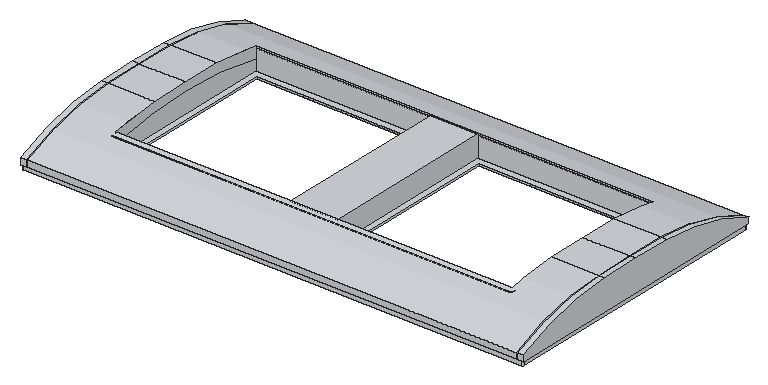
Revit family "Gira_0212326", category Electrical Fixtures, host Face, Revit 2017
Family settings
  Host = Face
  Maintain Annotation Orientation = No
  Round Connector Dimension = Use Diameter
  Part Type = Normal
  Cut with Voids When Loaded = No
  Shared = No
  Room Calculation Point = No
Parameters (values of type "Abdeckrahmen 2f Zwischenr. RW Gira Event F Alu")
  Werkstoffgüte = "Thermoplast"
  Werkstoff = "Kunststoff"
  URL = "http://katalog.gira.de/de_DE/datenblatt.html?artikelnr=0212326"
  Transparent = "No"
  Textfeld/Beschriftungsfläche = "No"
  Schutzart (IP) = "IP20"
  Region = "DE"
  Oberfläche = "sonstige"
  Name = "Abdeckrahmen 2f Zwischenr. RW Gira Event F Alu"
  Montagerichtung = "horizontal und vertikal"
  Mit Montagerahmen = "No"
  Mit Klappdeckel = "No"
  Manufacturer URL = "https://www.gira.de/"
  Keynote = "Event_Rahmen_2fach"
  HeinzeBIM = "https://bimportal.heinze.de/bim/abdeckrahmen-2f-zwischenr-rw-gira-event-f-alu/a16ed1146d06a7e1cea6bdcb2a6871ab7fd2211b"
  Halogenfrei = "Yes"
  HAN = "0212326"
  Geeignet für Unterputz-Installation = "Yes"
  Geeignet für Unterflurkanaldose = "No"
  Geeignet für Geräteeinbaukanal = "No"
  Geeignet für Einbauinstallation = "No"
  GTIN = "4010337074328"
  Farbe = "aluminium"
  Default Elevation = 1219.2 mm
  Data sheet (1) = "https://katalog.gira.de/de_DE/download.html?artikelnr=0212326"
  Category = "Abdeckrahmen"
  Befestigungsart = "Klemmbefestigung"
  Available = "Yes"
  Anzahl der Einheiten vertikal = "2 "
  Anzahl der Einheiten horizontal = "2 "
  Anzahl der Einheiten = "2 "
Reference planes
  plane 1 "Center (Front/Back)": y = 0
  plane 2: z = 0
  plane 3 "Center (Left/Right)": x = 0
Forms (mm)
  Extrusion 1, solid, detail levels fine
    sketch origin (0, 0, 0.05) x (0, 1, 0) y (0, 0, 1)
      loop
        arc (12.445, 9.683) -> (6.223, 9.833) -> (0, 9.85) r 291.636
        arc (0, 9.85) -> (-6.223, 9.833) -> (-12.445, 9.683) r 291.636
        arc (-12.445, 9.683) -> (-29.14, 7.482) -> (-45, 1.823) r 79.728
        line (-45, 1.823) -> (-45, -0.05) -> (-42.086, -0.05)
        arc (-42.086, -0.05) -> (-21.385, 5.559) -> (0, 7.206) r 114.424
        arc (0, 7.206) -> (21.385, 5.559) -> (42.086, -0.05) r 114.424
        line (42.086, -0.05) -> (45, -0.05) -> (45, 1.823)
        arc (45, 1.823) -> (29.14, 7.482) -> (12.445, 9.683) r 79.728
    from -78.55 to 78.55
  Extrusion 2, void, detail levels fine
    sketch origin (0, 0, 0) x (1, 0, 0) y (0, 1, 0)
      loop
        line (-63.55, -27.937) -> (63.55, -27.937) -> (63.55, 28.063) -> (-63.55, 28.063) -> (-63.55, -27.937)
    from 0.724 to 11
  Extrusion 3, solid, detail levels coarse
    sketch origin (0, 0, 0) x (1, 0, 0) y (0, 1, 0)
      loop
        line (-80.55, 45) -> (-80.55, -45) -> (80.55, -45) -> (80.55, 45) -> (-80.55, 45)
    from -1.5 to 9.9
  Extrusion 4, solid, detail levels medium
    sketch origin (0, 0, 0.05) x (0, 1, 0) y (0, 0, 1)
      loop
        arc (12.445, 9.683) -> (6.223, 9.833) -> (0, 9.85) r 291.636
        arc (0, 9.85) -> (-6.223, 9.833) -> (-12.445, 9.683) r 291.636
        arc (-12.445, 9.683) -> (-29.14, 7.482) -> (-45, 1.823) r 79.728
        line (-45, 1.823) -> (-45, -0.05) -> (45, -0.05) -> (45, 1.823)
        arc (45, 1.823) -> (29.14, 7.482) -> (12.445, 9.683) r 79.728
    from -80.55 to 80.55
  Extrusion 5, solid, detail levels fine
    sketch origin (-35.55, 0, -1.5) x (0, 1, 0) y (0, 0, -1)
      loop
        line (45, -3.373) -> (45, -1.5) -> (-45, -1.5) -> (-45, -3.373)
        arc (-45, -3.373) -> (-29.14, -9.032) -> (-12.445, -11.233) r 79.728
        arc (-12.445, -11.233) -> (-6.223, -11.383) -> (0, -11.4) r 291.636
        arc (0, -11.4) -> (6.223, -11.383) -> (12.445, -11.233) r 291.636
        arc (12.445, -11.233) -> (29.14, -9.032) -> (45, -3.373) r 79.728
    from 43 to 45
  Extrusion 6, solid, detail levels fine
    sketch origin (0, 0, 0) x (1, 0, 0) y (0, 1, 0)
      loop
        line (-61.45, 25.7) -> (-61.45, -25.7) -> (-9.65, -25.7) -> (-9.65, 25.7) -> (-61.45, 25.7)
      loop
        line (61.45, -25.7) -> (61.45, 25.7) -> (9.65, 25.7) -> (9.65, -25.7) -> (61.45, -25.7)
      loop
        line (-64.445, 28.49) -> (-64.445, -28.495)
        spline (-64.445, -28.495) -> (-64.436, -28.625) -> (-64.411, -28.754) -> (-64.369, -28.878) -> (-64.311, -28.995) -> (-64.238, -29.104) -> (-64.152, -29.202) -> (-64.054, -29.288) -> (-63.945, -29.361) -> (-63.828, -29.419) -> (-63.704, -29.461) -> (-63.575, -29.486) -> (-63.445, -29.495)
        line (-63.445, -29.495) -> (63.445, -29.495)
        spline (63.445, -29.495) -> (63.575, -29.486) -> (63.704, -29.461) -> (63.828, -29.419) -> (63.945, -29.361) -> (64.054, -29.288) -> (64.152, -29.202) -> (64.238, -29.104) -> (64.311, -28.995) -> (64.369, -28.878) -> (64.411, -28.754) -> (64.436, -28.625) -> (64.445, -28.495)
        line (64.445, -28.495) -> (64.445, 28.49)
        spline (64.445, 28.49) -> (64.436, 28.62) -> (64.411, 28.748) -> (64.369, 28.872) -> (64.311, 28.99) -> (64.238, 29.098) -> (64.152, 29.197) -> (64.054, 29.283) -> (63.945, 29.356) -> (63.828, 29.413) -> (63.704, 29.456) -> (63.575, 29.481) -> (63.445, 29.49)
        line (63.445, 29.49) -> (-63.445, 29.49)
        spline (-63.445, 29.49) -> (-63.575, 29.481) -> (-63.704, 29.456) -> (-63.828, 29.413) -> (-63.945, 29.356) -> (-64.054, 29.283) -> (-64.152, 29.197) -> (-64.238, 29.098) -> (-64.311, 28.99) -> (-64.369, 28.872) -> (-64.411, 28.748) -> (-64.436, 28.62) -> (-64.445, 28.49)
    from 0.1 to 7.3
  Extrusion 7, solid
    sketch origin (0, 0, 0) x (1, 0, 0) y (0, 1, 0)
      loop
        arc (-80.25, -44.2) -> (-80.104, -44.554) -> (-79.75, -44.7) r 0.5
        line (-79.75, -44.7) -> (79.75, -44.7)
        arc (79.75, -44.7) -> (80.104, -44.554) -> (80.25, -44.2) r 0.5
        line (80.25, -44.2) -> (80.25, 44.2)
        arc (80.25, 44.2) -> (80.104, 44.554) -> (79.75, 44.7) r 0.5
        line (79.75, 44.7) -> (-79.75, 44.7)
        arc (-79.75, 44.7) -> (-80.104, 44.554) -> (-80.25, 44.2) r 0.5
        line (-80.25, 44.2) -> (-80.25, -44.2)
      loop
        line (-78.55, 43) -> (-78.55, -43) -> (78.55, -43) -> (78.55, 43) -> (-78.55, 43)
    from -1.5 to 0.5
  Extrusion 8, solid, detail levels fine
    sketch origin (35.55, 0, -1.5) x (0, 1, 0) y (0, 0, 1)
      loop
        arc (45, 3.373) -> (29.14, 9.032) -> (12.445, 11.233) r 79.728
        arc (12.445, 11.233) -> (6.223, 11.383) -> (0, 11.4) r 291.636
        arc (0, 11.4) -> (-6.223, 11.383) -> (-12.445, 11.233) r 291.636
        arc (-12.445, 11.233) -> (-29.14, 9.032) -> (-45, 3.373) r 79.728
        line (-45, 3.373) -> (-45, 1.5) -> (45, 1.5) -> (45, 3.373)
    from 43 to 45
  Extrusion 9, solid, detail levels medium
    sketch origin (0, 0, 0) x (1, 0, 0) y (0, 1, 0)
      loop
        line (-80.25, -44.7) -> (80.25, -44.7) -> (80.25, 44.7) -> (-80.25, 44.7) -> (-80.25, -44.7)
    from -1.5 to 0.5
  Extrusion 10, solid, detail levels fine
    sketch origin (0, 0, 0) x (1, 0, 0) y (0, 1, 0)
      loop
        line (-7.55, 28.063) -> (-7.55, -27.937) -> (7.55, -27.937) -> (7.55, 28.063) -> (-7.55, 28.063)
    from 0.724 to 7.566
Cuts and joins
  Extrusion 2 cuts Extrusion 1
  Extrusion 2 cuts Extrusion 6
Dimensions and locks
  aligned and locked: plane 2 to host face
  aligned and locked: level to host face
